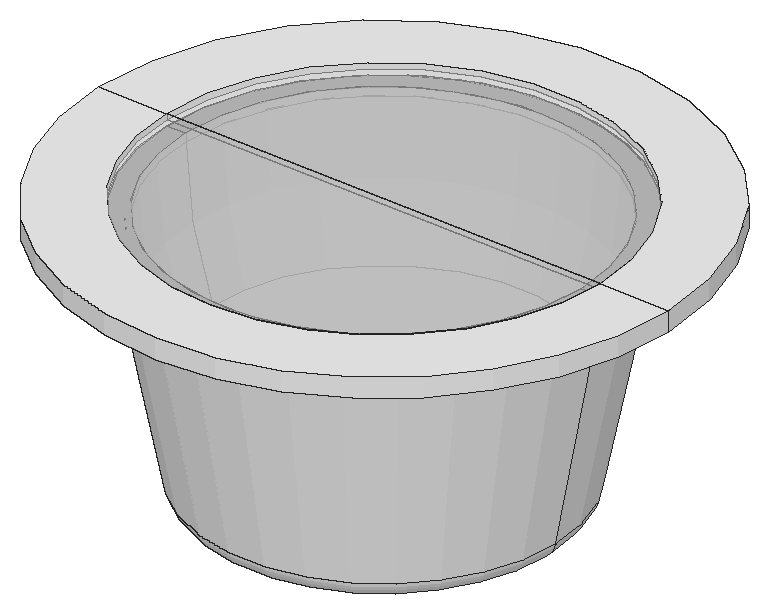
Revit family "2060557+2028034 Sylvania Lighting Fixture ASCENT 100 II ARCH 1900 4K DALI 160 with IP44 Clear Glass", category Lighting Fixtures, host Face, Revit 2016
Family settings
  Host = Face
  Part Type = Normal
  Round Connector Dimension = Use Diameter
  OmniClass Number = 23.80.70.11.17
  OmniClass Title = Specialized Lighting by Location or Use
  Cut with Voids When Loaded = No
  Light Source = Yes
  Shared = No
  Room Calculation Point = No
Parameters (values of type "2060557+2028034 ASCT100 II ARCH 1900 4K DALI 160 with IP44 Clear Glass")
  WidthBezelAcc_SYL = 25.0 mm
  Weight = "1.2 kg"
  Wattage = 17 W
  WarrantyStartDate [instance] = "n/a"
  WarrantyGuarantorParts = "n/a"
  WarrantyDurationUnit = "n/a"
  WarrantyDurationParts = "n/a"
  WarrantyDescription = "n/a"
  built-in parameter 1150110 = 1 (stored number, unit not read)
  Voltage = 0 V
  VisibilityAccessory_SYL = yes
  TypeName = "ASCENT 100 II ARCH 1900 4K DALI 160"
  built-in parameter 1114217 = 1 (stored number, unit not read)
  Tilt Angle = -90°
  built-in parameter 1150109 = 1 (stored number, unit not read)
  built-in parameter 1150134 = 12
  built-in parameter 1150113 = 1 (stored number, unit not read)
  SerialNumber [instance] = "n/a"
  ReflectorRadius_SYL = Radius_SYL - 14.5 mm  # 80.0 mm
  RadiusAcc_SYL = 105.0 mm
  Radius_SYL = 94.5 mm
  URL = "http://www.sylvania-lighting.com"
  PowerFactor = 0
  PowerConsumption = "17 W"
  Photometric Web File = "2060557.ies"
  NominalWidth = 0.0 mm
  NominalLength = 0.0 mm
  NominalHeight = 94.0 mm
  Name = "ASCENT 100 II ARCH 1900 4K DALI 160"
  ModelReference = "ASCENT 100 II ARCH 1900 4K DALI 160"
  ModelNumber = "2060557+2028034"
  Material_4_SYL = none
  Material_3_SYL = Polycarbonate_Sylvania_Ascent_Clear
  Material_2_SYL = Aluminium_Sylvania_Ascent_Silver
  Material_1_SYL = Aluminum_Sylvania_Ascent_White
  Material = "aluminium housing, arcylic diffuser"
  ManufacturerName = "Feilo Sylvania"
  LuminousEfficacy = "113 lm/W"
  built-in parameter 1150105 = 152.87 (stored number, unit not read)
  Lumens = 1921 lm
  LuminaireType = ""
  built-in parameter 1150115 = 1 (stored number, unit not read)
  LightOutputRatio = "100"
  built-in parameter 1150137 = (empty or 0)
  built-in parameter 1150139 = (empty or 0)
  LampsType = Lamp  # "LED"
  LampNominalLuminous = "1921 lm"
  LampMacAdamStep = "3"
  LampColourTemperature = "4000 K"
  LampColourRenderingIndex = "80"
  built-in parameter 1150112 = 1 (stored number, unit not read)
  built-in parameter 1150114 = 1 (stored number, unit not read)
  Keynote = "16500"
  InstallationDate [instance] = "n/a"
  InputVoltage = "n/a"
  InputNominalFrequency = "n/a"
  built-in parameter 1150132 = (empty or 0)
  built-in parameter 1150102 = (empty or 0)
  built-in parameter 1150107 = 4000 (stored number, unit not read)
  built-in parameter 1150138 = (empty or 0)
  IngressProtection = "IP44"
  ImpactProtectionIndex = "IK02"
  built-in parameter 1150106 = 1.5287 (stored number, unit not read)
  IfcExportType = "IfcLightFixtureType"
  IfcExportAs = "IfcLightFixtureType"
  Height_SYL = 94.0 mm
  HeightAcc_SYL = 7.0 mm
  ExpectedLife = 50000
  EmittionSurface_SYL = if(VisibilityAccessory_SYL, 7.0 mm, 3.0 mm)  # 7.0 mm
  Emit from Circle Diameter = DiffuserRadius_SYL * 2  # 146.0 mm
  Emit Shape Visible in Rendering = no
  ElectricShockClassification = "Class II"
  built-in parameter 1150104 = 10.498 (stored number, unit not read)
  DurationUnit = "hours"
  DocumentationLiterature = "http://www.sylvania-lighting.com/product/en-int/products/2060557"
  DimmingControlOptions = "n/a"
  Dimming Lamp Color Temperature Shift = <None>
  DiffuserRadius_SYL = ReflectorRadius_SYL - 7.0 mm  # 73.0 mm
  Diameter_SYL = 2 * Radius_SYL  # 189.0 mm
  CutoutDiameter_SYL = Diameter_SYL - 13.0 mm  # 176.0 mm
  CreatedOn = "9/17/2018"
  CreatedBy = "@sylvania-lighting.com"
  Color Filter = 16777215
  built-in parameter 1114216 [instance] = 1 (stored number, unit not read)
  Model = "ASCENT 100 II ARCH 1900 4K DALI 160"
  Manufacturer = "Feilo Sylvania"
  Lamp = "LED"
  Description = "Direct LED retro fit for original LED 100 Arch (160) single CFL lamp offering Matching lumen levels and improved light distribution of original LED 100 CFL lamp equivalents Typically half the power consumption compared to CFL Up to 112lm/W 160mm aperture Architectural reflector accepts range of glass accessories from existing LED 100 Arch 160 offering HE, HO and VHO versions equivalent of single 1 x 18W, 1 x 32W, 1 x 42W\r\n Additional VVHO versions which offer the performance circa 2 x 32W equivalent"  # constant formula
  Default Elevation = 0.0 mm
  built-in parameter 1140040 [instance] = 1
  BarCode [instance] = "n/a"
  built-in parameter 1114218 = 1 (stored number, unit not read)
  built-in parameter 1150133 = 10 (stored number, unit not read)
  AssetType = "Fixed"
  AssetIdentifier [instance] = "n/a"
  Assembly Code = "D5020200"
  Apparent Load = 17 VA
  Aperture_SYL = 2 * ReflectorRadius_SYL  # 160.0 mm
Reference planes
  plane 1 "Center (Front/Back)": y = 0
  plane 2: z = 0
  plane 3 "Center (Left/Right)": x = 0
  plane 4 "Fixture Bottom": z = 3
  plane 5: z = -52.5
  plane 6 "Fixture Top": z = -91
  plane 7: x = -105
  plane 8: z = 7
  plane 9: x = -80
  plane 10: z = 5
  plane 11: x = -103
Forms (mm)
  Extrusion 1, solid, material "Aluminum_Sylvania_Ascent_White", detail levels fine
    sketch origin (0, 0, 0) x (1, 0, 0) y (0, 1, 0)
      loop
        circle (0, 0) r 94.5
      loop
        circle (0, 0) r 80
    from 0 to 3
  Extrusion 2, void
    sketch origin (0, 0, 0) x (1, 0, 0) y (0, 1, 0)
      loop
        circle (0, 0) r 88
    from -91 to 3
  Revolve 3, solid, material "Aluminum_Sylvania_Ascent_White" <- "Material_1_SYL", detail levels fine
    sketch origin (0, 0, 0) x (1, 0, 0) y (0, 0, 1)
      loop
        line (0, -91.073) -> (0, -89.023) -> (-55.468, -89.014)
        arc (-55.468, -89.014) -> (-59.352, -87.613) -> (-61.54, -84.139) r 6.307
        line (-61.54, -84.139) -> (-77.991, -2.844) -> (-77.991, 0) -> (-80, 0) -> (-80, -3) -> (-63.5, -84.536)
        arc (-63.5, -84.536) -> (-60.643, -89.203) -> (-55.5, -91.073) r 8.291
        line (-55.5, -91.073) -> (0, -91.073)
      axis (0, 0) -> (0, -91.073)
    angle from 0 to 360
  Revolve 4, solid, material "Aluminium_Sylvania_Ascent_Silver" <- "Material_2_SYL", detail levels fine
    sketch origin (0, 0, 0) x (1, 0, 0) y (0, 0, 1)
      loop
        line (-80, 3) -> (-80, 0) -> (-75, 0)
        arc (-75, 0) -> (-72.349, -26.77) -> (-64.5, -52.5) r 136.5
        line (-64.5, -52.5) -> (-58, -52.5)
        arc (-58, -52.5) -> (-56.857, -61.521) -> (-53.5, -69.971) r 36.166
        line (-53.5, -69.971) -> (0, -69.971) -> (0, -50.5) -> (-63.16, -50.5)
        arc (-63.16, -50.5) -> (-70.517, -25.725) -> (-73, 0) r 134.5
        line (-73, 0) -> (-73, 3) -> (-80, 3)
      axis (0, 3) -> (0, -69.971)
    angle from 0 to 360
  Extrusion 5, solid, material "Polycarbonate_Sylvania_Ascent_Clear" <- "Material_3_SYL", detail levels fine
    sketch origin (0, 0, 0) x (1, 0, 0) y (0, 1, 0)
      loop
        circle (0, 0) r 73
    from 0 to 3
  Revolve 6, solid, material "Aluminum_Sylvania_Ascent_White" <- "Material_1_SYL", detail levels coarse+medium
    sketch origin (0, 0, 0) x (1, 0, 0) y (0, 0, 1)
      loop
        line (0, -91.073) -> (0, 3) -> (-94.5, 3) -> (-94.5, 0) -> (-79.5, 0) -> (-79.5, -3) -> (-63, -84.536)
        arc (-63, -84.536) -> (-60.143, -89.203) -> (-55, -91.073) r 8.291
        line (-55, -91.073) -> (0, -91.073)
      axis (0, 3) -> (0, -91.073)
    angle from 0 to 360
  Revolve 7, solid, material "Aluminum_Sylvania_Ascent_White" <- "Material_1_SYL", visible <- "VisibilityAccessory_SYL"
    sketch origin (0, 0, 0) x (1, 0, 0) y (0, 0, 1)
      loop
        line (-105, 0) -> (-103, 0) -> (-103, 5) -> (-80, 5) -> (-80, 7) -> (-105, 7) -> (-105, 0)
      axis (0, 7) -> (0, 0)
    angle from 0 to 360
  Revolve 8, solid, material "Polycarbonate_Sylvania_Ascent_Clear" <- "Material_3_SYL", visible <- "VisibilityAccessory_SYL"
    sketch origin (0, 0, 0) x (1, 0, 0) y (0, 0, 1)
      loop
        line (-80, 7) -> (-80, 5) -> (0, 5) -> (0, 7) -> (-80, 7)
      axis (0, 7) -> (0, 5)
    angle from 0 to 360
Lines and regions (mm)
  reference lines
    curve 1: line (-150, 0, 7) -> (125, 0, 7)
Dimensions and locks
  locked: plane 4 "Fixture Bottom" to plane 2 at 3
  "Height_SYL": plane 4 "Fixture Bottom" to plane 6 "Fixture Top"
  "ReflectorRadius_SYL": plane 3 "Center (Left/Right)" to Revolve 4 sketch curve
  locked: Revolve 4 sketch curve to Revolve 4 sketch curve at 15.5
  locked: Revolve 4 sketch curve to Revolve 4 sketch curve at 5
  locked: Revolve 4 sketch curve to Revolve 4 sketch curve at 7
  locked: Revolve 4 sketch curve to Revolve 4 sketch curve at 22
  locked: Revolve 4 sketch curve to Revolve 4 sketch curve at 26.5
  locked: Revolve 3 sketch curve to Revolve 3 sketch curve at 16.5
  locked: Revolve 3 sketch curve to Revolve 3 sketch curve at 24.5
  "ReflectorRadius_SYL": Revolve 3 sketch curve to plane 3 "Center (Left/Right)"
  locked: Revolve 3 sketch curve to plane 6 "Fixture Top" at 6.464
  locked: plane 2 to Revolve 3 sketch curve at 3
  locked: Revolve 3 sketch curve to Revolve 3 sketch curve at 2
  locked: Revolve 3 sketch curve to Revolve 3 sketch curve at 2.009
  locked: plane 2 to plane 5 at 52.5
  locked: Revolve 6 sketch curve to Revolve 6 sketch curve at 31.5
  locked: Revolve 6 sketch curve to Revolve 6 sketch curve at 39.5
  locked: Revolve 6 sketch curve to Revolve 6 sketch curve at 15
  "Radius_SYL": plane 3 "Center (Left/Right)" to Revolve 6 sketch curve
  "RadiusAcc_SYL": plane 3 "Center (Left/Right)" to plane 7
  "HeightAcc_SYL": plane 8 to level
  "WidthBezelAcc_SYL": plane 7 to plane 9
  locked: plane 7 to plane 11 at 2
  locked: plane 8 to plane 10 at 2
  "EmittionSurface_SYL": curve 1 to level
  "CutoutDiameter_SYL": diameter of Extrusion 2 sketch curve
  "ReflectorRadius_SYL": radius of Extrusion 1 sketch curve
  "DiffuserRadius_SYL": radius of Extrusion 5 sketch curve
  "Radius_SYL": radius of Extrusion 1 sketch curve
  aligned and locked: host face to plane 2
  aligned and locked: host face to level
  aligned and locked: plane 4 "Fixture Bottom" to Extrusion 1
  aligned and locked: Extrusion 1 to plane 2
  aligned and locked: Revolve 3 sketch curve to plane 3 "Center (Left/Right)"
  aligned and locked: Revolve 4 sketch curve to plane 3 "Center (Left/Right)"  (x2)
  aligned and locked: plane 4 "Fixture Bottom" to Revolve 4 sketch curve
  aligned and locked: Extrusion 5 to plane 2
  aligned and locked: plane 2 to Revolve 3 sketch curve  (x2)
  aligned and locked: Revolve 6 sketch curve to plane 3 "Center (Left/Right)"
  aligned and locked: plane 6 "Fixture Top" to Extrusion 2
  aligned and locked: Revolve 7 sketch curve to plane 3 "Center (Left/Right)"
  aligned and locked: host face to Revolve 7 sketch curve  (x2)
  aligned and locked: Revolve 7 sketch curve to plane 7
  aligned and locked: plane 8 to Revolve 7 sketch curve
  aligned and locked: plane 9 to Revolve 7 sketch curve
  aligned and locked: Revolve 7 sketch curve to plane 10
  aligned and locked: plane 11 to Revolve 7 sketch curve
  aligned and locked: Revolve 7 to Revolve 8 sketch curve
  aligned and locked: Revolve 8 sketch curve to Revolve 7  (x2)
  aligned and locked: Revolve 8 sketch curve to plane 3 "Center (Left/Right)"  (x2)
  aligned and locked: plane 3 "Center (Left/Right)" to imposter light
  aligned and locked: imposter light to plane 1 "Center (Front/Back)"
  aligned and locked: imposter light to curve 1
Automatic sketch dimensions
  plane 1 "Center (Front/Back)" to Extrusion 2 sketch curve = 0.0 mm
  Extrusion 2 sketch curve to plane 3 "Center (Left/Right)" = 0.0 mm
  Extrusion 1 sketch curve to Extrusion 1 sketch curve = 0.0 mm  (x2)
  plane 1 "Center (Front/Back)" to Extrusion 1 sketch curve = 0.0 mm
  Extrusion 1 sketch curve to plane 3 "Center (Left/Right)" = 0.0 mm
  plane 6 "Fixture Top" to Revolve 3 sketch curve = 0.073 mm
  Revolve 3 sketch curve to plane 6 "Fixture Top" = 6.861 mm
  Revolve 3 sketch curve to Revolve 3 sketch curve = 0.003 mm
  Revolve 3 sketch curve to Revolve 3 sketch curve = 0.009 mm  (x2)
  Revolve 3 sketch curve to Revolve 3 sketch curve = 0.023 mm
  Revolve 3 sketch curve to Revolve 3 sketch curve = 0.072 mm
  Revolve 3 sketch curve to Revolve 3 sketch curve = 0.008 mm
  Revolve 3 sketch curve to plane 6 "Fixture Top" = 1.977 mm
  Revolve 3 sketch curve to Revolve 3 sketch curve = 33.496 mm
  Revolve 3 sketch curve to Revolve 3 sketch curve = 0.028 mm
  plane 4 "Fixture Bottom" to Revolve 3 sketch curve = 82.431 mm
  Revolve 4 sketch curve to Revolve 4 sketch curve = 0.0 mm  (x2)
  Revolve 4 sketch curve to plane 5 = 0.0 mm
  Revolve 4 sketch curve to level = 0.0 mm
  plane 5 to Revolve 4 sketch curve = 2.0 mm
  plane 4 "Fixture Bottom" to Revolve 4 sketch curve = 9.642 mm
  plane 1 "Center (Front/Back)" to Extrusion 5 sketch curve = 0.0 mm
  Extrusion 5 sketch curve to plane 3 "Center (Left/Right)" = 0.0 mm
  Revolve 4 sketch curve to level = 69.971 mm
  Revolve 4 sketch curve to Revolve 4 sketch curve = 2.387 mm
  Revolve 6 sketch curve to level = 0.0 mm
  Revolve 6 sketch curve to plane 3 "Center (Left/Right)" = 0.0 mm
  Revolve 6 sketch curve to Revolve 6 sketch curve = 8.104 mm
  Revolve 6 sketch curve to level = 3.0 mm
  Revolve 6 sketch curve to plane 6 "Fixture Top" = 6.464 mm
  plane 6 "Fixture Top" to Revolve 6 sketch curve = 0.073 mm
  Revolve 6 sketch curve to Revolve 6 sketch curve = 33.496 mm
  plane 4 "Fixture Bottom" to Revolve 6 sketch curve = 82.431 mm
  host sketch curve to host sketch curve = 1704.996 mm
  host sketch curve to host sketch curve = 1500.0 mm
  plane 6 "Fixture Top" to Revolve 7 sketch curve = 281.274 mm
  Revolve 7 sketch curve to plane 8 = 1140.706 mm
  plane 6 "Fixture Top" to Revolve 8 sketch curve = 281.274 mm
  Revolve 8 sketch curve to Revolve 8 sketch curve = 1140.706 mm
  Revolve 3 sketch curve to plane 3 "Center (Left/Right)" = 0.0 mm
  Revolve 6 sketch curve to plane 4 "Fixture Bottom" = 0.0 mm
  plane 7 to curve 1 = 45.0 mm
  plane 3 "Center (Left/Right)" to curve 1 = 125.0 mm
Connectors
  electrical at (0, 0, -91.073), driven by "Apparent Load"
    settings: on Revolve 3, index 1, voltage 240 V, apparent load 0 VA, apparent load phase1 17 VA, apparent load phase2 0 VA, apparent load phase3 0 VA, power factor 1, load classification "Lighting", number of poles 1, system type 31, power factor state 1, is connector primary yes, connector utility no, sub classification motor no, connector description ""
